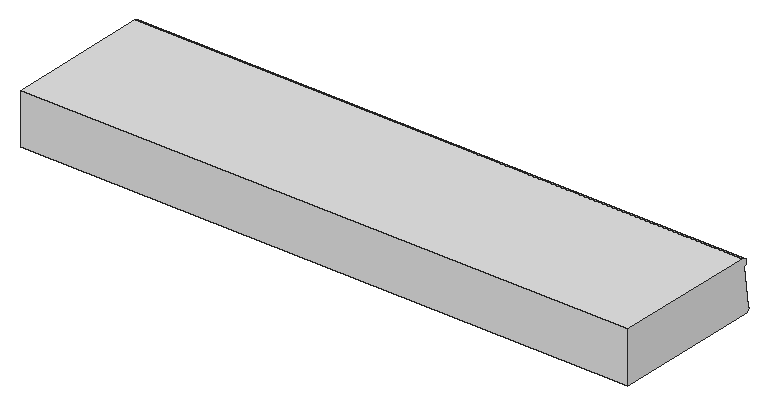
Revit family "034100 - Precast Structural Concrete - Solid Plank", category Structural Framing, Revit 2019
Family settings
  Structural Framing Length Roundoff = 0' - 0"
  Section Shape = Not Defined
  Material for Model Behavior = Other
  Always export as geometry = No
  Cut with Voids When Loaded = No
  Symbolic Representation = From Family
  Shared = No
  Show family pre-cut in plan views = Yes
Parameters (values of type "12"")
  nº Alveolos = 2
  URL = ""
  OD_Attribution = "xcengineering.xyz, diocingenieria.com, openingdesign.com"
  Keynote = ""
  Model = ""
  Holloecore Plank Cutout [instance] = 1' - 1 3/8"
  F = 0' - 2 1/2"
  E = 0' - 1 3/8"
  Desfase segundo alveolo = D + E  # 0' - 8 7/8"
  Description = ""
  D = 0' - 7 1/2"
  Circle Diameter = 0' - 6"
  C = 0' - 7 1/2"
  B = 0' - 2 1/4"
  Width = 4' - 0"
  Número de alveolos [instance] = 4
  Material [instance] = PRECAST PLANK
  built-in parameter 1001306 [instance] = 12' - 0"
  Depth = (2 * B) + C  # 1' - 0"
  Tipo de alveolo = Alveolo : HEAVY
  Desfase de alveolo extremo = F + (D / 2)  # 0' - 6 1/4"
Types (2): name | Holloecore Plank Cutout | E | Desfase segundo alveolo | D | C | B | Depth | Desfase de alveolo extremo
  8" | 1' - 1.21913" | 0' - 3" | 0' - 9" | 0' - 6" | 0' - 6" | 0' - 1" | 0' - 8" | 0' - 5 1/2"
  12" | 1' - 1 3/8" | 0' - 1 3/8" | 0' - 8 7/8" | 0' - 7 1/2" | 0' - 7 1/2" | 0' - 2 1/4" | 1' - 0" | 0' - 6 1/4"
Reference planes (in)
  plane 1 "Centro (Frontal/Posterior)": y = 0
  plane 2: z = 0
  plane 3 "Izquierda": x = 0
  plane 4 "Derecha": x = 144
  plane 5: z = 6
  plane 6: z = -6
  plane 7: y = 24
  plane 8: y = -24
  plane 9: y = 17.75
  plane 10: y = -17.75
  plane 11: y = -23.94094
  plane 12: y = -23.89961
  plane 13: z = -5.68504
  plane 14: z = -5.2126
  plane 15: z = -4.74016
  plane 16: z = 4.0315
  plane 17: z = 4.4252
  plane 18: z = 5.68504
  plane 19: y = -23.76378
  plane 20: y = -23.17607
  plane 21: y = -23.09449
  plane 22: y = -22.70079
  plane 23: y = -22.40157
  plane 24: y = 23.94094
  plane 25: y = 23.89961
  plane 26: y = 23.76378
  plane 27: y = 23.17607
  plane 28: y = 23.09449
  plane 29: y = 22.70079
  plane 30: y = 22.40157
  plane 31: y = 23.52426
  plane 32: y = -23.52426
  plane 33: y = -8.875
  plane 34: y = 8.875
  plane 35: y = -11.625
  plane 36: y = -25
Forms (in)
  Extrusion 1, solid, material "PRECAST PLANK" <- "Material"
    sketch origin (0, 0, 0) x (0, 1, 0) y (0, 0, 1)
      loop
        line (23.52426, -6) -> (23.89961, -5.68504) -> (23.94094, -5.2126) -> (23.76378, -5.2126) -> (23.76378, -4.8189) -> (23.76378, -4.74016) -> (22.70079, 4.0315) -> (23.09449, 4.4252) -> (23.09449, 5.68504) -> (22.40157, 6) -> (-22.40157, 6) -> (-23.09449, 5.68504) -> (-23.09449, 4.4252) -> (-22.70079, 4.0315) -> (-23.76378, -4.74016) -> (-23.76378, -5.2126) -> (-23.94094, -5.2126) -> (-23.89961, -5.68504) -> (-23.52426, -6) -> (23.52426, -6)
    from 0 to 144
  Extrusion 2, void
    sketch origin (0, 0, 0) x (1, 0, 0) y (0, 1, 0)
      loop
        line (0, -24) -> (144, -24) -> (144, -11.625) -> (0, -11.625) -> (0, -24)
    from -6 to 6
Cuts and joins
  Extrusion 2 cuts Extrusion 1
Lines and regions (in)
  reference lines
    curve 1: line (0, 0, 0) -> (144, 0, 0)
Dimensions and locks (in)
  "built-in parameter 1001306": plane 3 "Izquierda" to plane 4 "Derecha"
  equal spacing: plane 5, plane 2, plane 6
  "Depth": plane 5 to plane 6
  equal spacing: plane 7, plane 1 "Centro (Frontal/Posterior)", plane 8
  "Width": plane 7 to plane 8
  "Desfase de alveolo extremo": plane 7 to plane 9
  "Desfase de alveolo extremo": plane 10 to plane 8
  plane 22 to plane 21 to plane 20 to plane 32 to plane 19 to plane 12 to plane 11 to plane 8 = 0' - 0.3937" locked, 0' - 0.08158" locked, 0' - 0.34819" locked, 0' - 0.23952" locked, 0' - 0.13583" locked, 0' - 0.04133" locked, 0' - 0.05906" locked
  plane 7 to plane 24 to plane 25 to plane 26 to plane 31 to plane 27 to plane 28 to plane 29 = 0' - 0.05906" locked, 0' - 0.04133" locked, 0' - 0.13583" locked, 0' - 0.23952" locked, 0' - 0.34819" locked, 0' - 0.08158" locked, 0' - 0.3937" locked
  plane 6 to plane 13 to plane 14 to plane 15 = 0' - 0.31496" locked, 0' - 0.47244" locked, 0' - 0.47244" locked
  plane 5 to plane 18 to plane 17 to plane 16 = 0' - 0.31496" locked, 0' - 1.25984" locked, 0' - 0.3937" locked
  plane 9 to plane 10 = 2' - 11 1/2"
  "Desfase segundo alveolo": plane 10 to plane 33
  "Desfase segundo alveolo": plane 34 to plane 9
  locked: plane 8 to plane 36 at 1
  "Holloecore Plank Cutout": plane 35 to plane 36
  aligned and locked: plane 4 "Derecha" to curve 1
  aligned and locked: plane 1 "Centro (Frontal/Posterior)" to curve 1
  aligned and locked: plane 3 "Izquierda" to curve 1
  aligned and locked: level to plane 2
  aligned and locked: Extrusion 1 to plane 3 "Izquierda"
  aligned and locked: Extrusion 1 to plane 4 "Derecha"
  aligned and locked: plane 6 to Extrusion 1 sketch curve
  aligned and locked: plane 5 to Extrusion 1 sketch curve
  aligned and locked: plane 13 to Extrusion 1 sketch curve  (x2)
  aligned and locked: plane 31 to Extrusion 1 sketch curve
  aligned and locked: plane 25 to Extrusion 1 sketch curve
  aligned and locked: plane 24 to Extrusion 1 sketch curve
  aligned and locked: plane 14 to Extrusion 1 sketch curve
  aligned and locked: Extrusion 1 sketch curve to plane 26
  aligned and locked: plane 16 to Extrusion 1 sketch curve  (x2)
  aligned and locked: plane 29 to Extrusion 1 sketch curve
  aligned and locked: plane 17 to Extrusion 1 sketch curve  (x2)
  aligned and locked: Extrusion 1 sketch curve to plane 28
  aligned and locked: plane 18 to Extrusion 1 sketch curve  (x2)
  aligned and locked: plane 30 to Extrusion 1 sketch curve
  aligned and locked: plane 32 to Extrusion 1 sketch curve
  aligned and locked: plane 12 to Extrusion 1 sketch curve
  aligned and locked: Extrusion 1 sketch curve to plane 14
  aligned and locked: plane 11 to Extrusion 1 sketch curve
  aligned and locked: plane 19 to Extrusion 1 sketch curve
  aligned and locked: plane 22 to Extrusion 1 sketch curve
  aligned and locked: Extrusion 1 sketch curve to plane 21
  aligned and locked: plane 23 to Extrusion 1 sketch curve
  aligned and locked: Extrusion 2 sketch curve to plane 8
  aligned and locked: plane 35 to Extrusion 2 sketch curve
  aligned and locked: Extrusion 2 sketch curve to plane 3 "Izquierda"
  aligned and locked: Extrusion 2 sketch curve to plane 4 "Derecha"
  aligned and locked: plane 5 to cut or joined group of Extrusion 1, Extrusion 2
  aligned and locked: plane 6 to cut or joined group of Extrusion 1, Extrusion 2
Automatic sketch dimensions
  plane 15 to Extrusion 1 sketch curve = 0' - 0"  (x2)
  Extrusion 1 sketch curve to Extrusion 1 sketch curve = 0' - 0.07874"
